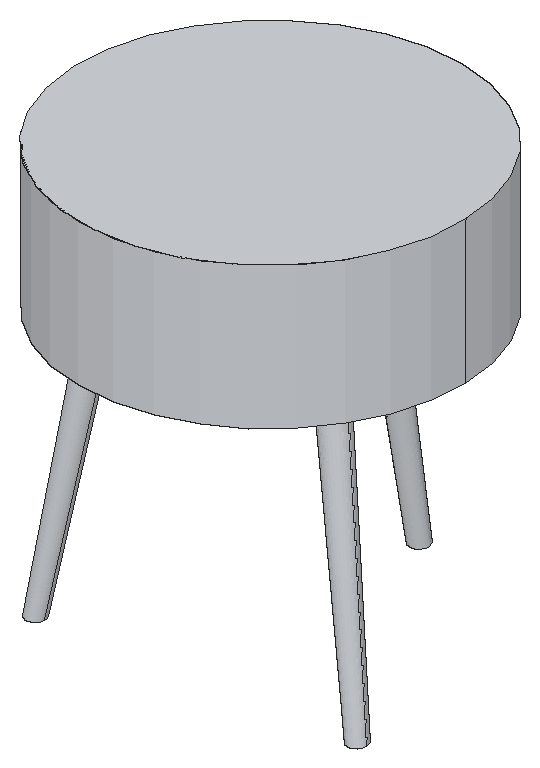
Revit family "PUFE_ANGELICA", category Furniture, Revit 2018
Family settings
  OmniClass Number = 23.40.20.00
  OmniClass Title = General Furniture and Specialties
  Work Plane-Based = No
  Always vertical = Yes
  Cut with Voids When Loaded = No
  Shared = No
  Room Calculation Point = No
Reference planes (cm)
  plane 1 "Centro (Frente/Trás)": y = 0
  plane 2: z = 0
  plane 3 "Centro (Esquerda/Direita)": x = 0
Forms (cm)
  Extrusion 1, solid
    sketch origin (0, 0, 0) x (1, 0, 0) y (0, 1, 0)
      loop
        circle (0, 0) r 20
    from 30 to 45
  Blend 2, solid
    base sketch origin (0, 0, 0) x (1, 0, 0) y (0, 1, 0)
      loop
        circle (-16.4545, -9.5) r 1
    top sketch origin (0, 0, 0) x (1, 0, 0) y (0, 1, 0)
      loop
        circle (-11.6913, -6.75) r 1.5
    from 0 to 30
  Blend 3, solid
    base sketch origin (0, 0, 0) x (-1, 0, 0) y (0, -1, 0)
      loop
        circle (-16.4545, 9.5) r 1
    top sketch origin (0, 0, 0) x (-1, 0, 0) y (0, -1, 0)
      loop
        circle (-11.6913, 6.75) r 1.5
    from 0 to 30
  Blend 4, solid
    base sketch origin (0, 0, 0) x (-0.5, -0.866025, 0) y (0.866025, -0.5, 0)
      loop
        circle (-16.4545, -9.5) r 1
    top sketch origin (0, 0, 0) x (-0.5, -0.866025, 0) y (0.866025, -0.5, 0)
      loop
        circle (-11.6913, -6.75) r 1.5
    from 0 to 30
Dimensions and locks (cm)
  aligned and locked: level to plane 2
